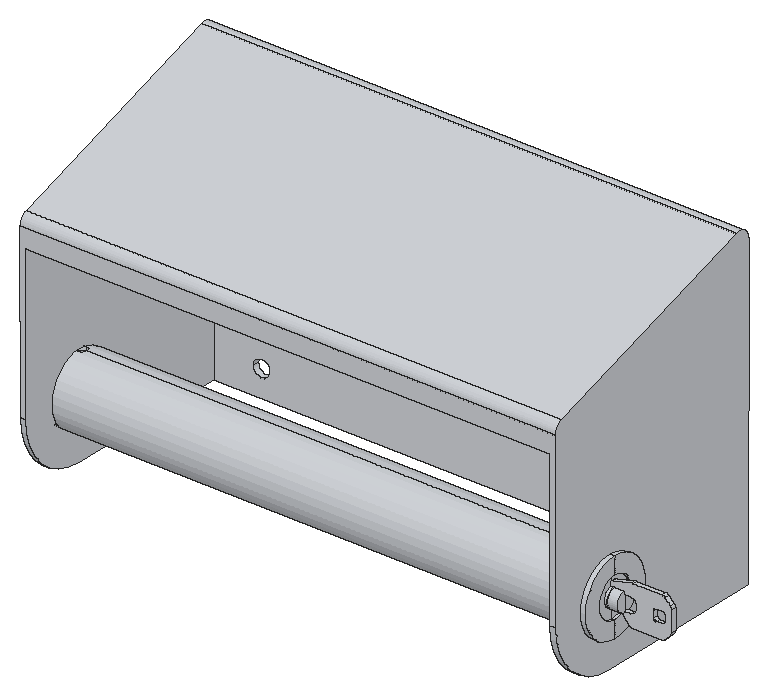
Revit family "rba-bim-rba8143-100", category Pipe Fittings, Revit 2015
Parameters (values of type "RBA8143-100")
  URL = "http://www.rba.com.au/catalogue/product/rba8143-100/"
  Phone Number = "1300 788 778"
  Modified Issue = "20161012.01"
  Model = "RBA8143-100"
  Material = 304 Stainless Steel
  Manufacturer = "RBA Group"
  Description = "Vandal Resistant Toilet Roll Holder, Heavy Gauge Stainless Steel"
  Copyright by = "RBA Group"
Reference planes
  plane 1 "Center (Front/Back)": y = 0
  plane 2: z = 0
  plane 3 "Center (Left/Right)": x = 0
  plane 4: y = -114.298
  plane 5: x = -126.997
  plane 6: x = 126.997
  plane 7: z = 120.806
  plane 8: z = 12.705
  plane 9: x = 101.592
  plane 10: x = -101.53
  plane 11: z = 152.402
  plane 12: z = 149.617
Forms (mm)
  Extrusion 1, solid
    sketch origin (133.124, -136.876, 76.721) x (0, -1, 0) y (0, 0, 1)
      loop
        line (-25.357, 27.786) -> (-22.579, 27.786) -> (-22.579, 36.737)
        arc (-22.579, 36.737) -> (-23.564, 39.77) -> (-26.144, 41.645) r 5.16
        line (-26.144, 41.645) -> (-130.122, 75.429)
        arc (-130.122, 75.429) -> (-134.749, 74.696) -> (-136.876, 70.521) r 5.16
        line (-136.876, 70.521) -> (-136.876, -76.721) -> (-134.097, -76.721) -> (-134.091, 70.521)
        arc (-134.091, 70.521) -> (-133.112, 72.443) -> (-130.956, 72.778) r 2.375
        line (-130.956, 72.778) -> (-26.998, 39)
        arc (-26.998, 39) -> (-25.811, 38.138) -> (-25.357, 36.742) r 2.375
        line (-25.357, 36.742) -> (-25.357, 27.786)
    from 6.126 to 260.121
  Extrusion 2, void
    sketch origin (0, 0, 76.721) x (1, 0, 0) y (0, 0, 1)
      loop
        circle (101.592, -64.016) r 3.975
      loop
        circle (-101.593, -64.016) r 3.975
      loop
        arc (-105.575, 33.994) -> (-101.617, 22.686) -> (-97.625, 33.982) r 6.35
        line (-97.625, 33.982) -> (-97.625, 44.086)
        arc (-97.625, 44.086) -> (-101.668, 47.919) -> (-105.572, 43.944) r 3.975
        line (-105.572, 43.944) -> (-105.575, 33.994)
      loop
        arc (97.625, 33.994) -> (101.583, 22.686) -> (105.575, 33.982) r 6.35
        line (105.575, 33.982) -> (105.575, 44.086)
        arc (105.575, 44.086) -> (101.532, 47.919) -> (97.628, 43.944) r 3.975
        line (97.628, 43.944) -> (97.625, 33.994)
    from 0 to 2.779
  Extrusion 3, solid
    sketch origin (133.124, -136.876, 76.721) x (0, -1, 0) y (0, 0, 1)
      loop
        arc (-22.579, 36.737) -> (-23.564, 39.77) -> (-26.144, 41.645) r 5.16
        line (-26.144, 41.645) -> (-130.122, 75.429)
        arc (-130.122, 75.429) -> (-134.749, 74.696) -> (-136.876, 70.521) r 5.16
        line (-136.876, 70.521) -> (-136.876, -76.721) -> (-54.329, -76.721)
        arc (-54.329, -76.721) -> (-31.878, -67.421) -> (-22.579, -44.971) r 31.75
        line (-22.579, -44.971) -> (-22.579, 36.737)
      loop
        circle (-54.329, -44.971) r 16.7
    from 257.342 to 260.121
  Extrusion 4, solid
    sketch origin (384.34, -136.876, 76.721) x (0, -1, 0) y (0, 0, 1)
      loop
        arc (-22.579, 36.737) -> (-23.564, 39.77) -> (-26.144, 41.645) r 5.16
        line (-26.144, 41.645) -> (-130.122, 75.429)
        arc (-130.122, 75.429) -> (-134.749, 74.696) -> (-136.876, 70.521) r 5.16
        line (-136.876, 70.521) -> (-136.876, -76.721) -> (-54.329, -76.721)
        arc (-54.329, -76.721) -> (-31.878, -67.421) -> (-22.579, -44.971) r 31.75
        line (-22.579, -44.971) -> (-22.579, 36.737)
    from 257.342 to 260.121
  Extrusion 5, solid
    sketch origin (384.34, -136.876, 76.721) x (0, -1, 0) y (0, 0, 1)
      loop
        arc (-22.579, 36.737) -> (-23.564, 39.77) -> (-26.144, 41.645) r 5.16
        line (-26.144, 41.645) -> (-130.122, 75.429)
        arc (-130.122, 75.429) -> (-134.749, 74.696) -> (-136.876, 70.521) r 5.16
        line (-136.876, 70.521) -> (-136.876, -76.721) -> (-54.329, -76.721)
        arc (-54.329, -76.721) -> (-31.878, -67.421) -> (-22.579, -44.971) r 31.75
        line (-22.579, -44.971) -> (-22.579, 36.737)
      loop
        circle (-54.329, -44.971) r 16.7
    from 257.342 to 260.121
  Revolve 6, solid
    sketch origin (0, -82.547, 76.721) x (1, 0, 0) y (0, 0, 1)
      loop
        line (-129.791, -44.971) -> (-126.997, -44.971) -> (-126.997, -29.923) -> (126.997, -29.923) -> (126.997, -44.971) -> (129.791, -44.971) -> (129.791, -27.49) -> (126.997, -27.49) -> (126.997, -28.27) -> (-126.997, -28.27) -> (-126.997, -27.488) -> (-129.791, -27.488) -> (-129.791, -44.971)
      axis (-129.791, -44.971) -> (129.791, -44.971)
    angle from 0 to 360
  Extrusion 7, void
    sketch origin (-224.846, -146.684, -55.905) x (0, -1, 0) y (1, 0, 0)
      loop
        circle (-64.142, 101.809) r 2.385
    from 64.869 to 110.905
  Extrusion 8, void
    sketch origin (22.644, -146.684, -55.905) x (0, -1, 0) y (1, 0, 0)
      loop
        circle (-64.142, 101.809) r 2.385
    from 64.869 to 110.905
  Extrusion 9, solid
    sketch origin (0, 0, 76.721) x (1, 0, 0) y (0, 0, 1)
      loop
        arc (152.925, -54.496) -> (153.728, -54.336) -> (154.41, -53.881) r 2.1
        line (154.41, -53.881) -> (156.989, -51.301)
        arc (156.989, -51.301) -> (157.445, -50.619) -> (157.604, -49.816) r 2.1
        line (157.604, -49.816) -> (157.604, -40.126)
        arc (157.604, -40.126) -> (157.445, -39.322) -> (156.989, -38.641) r 2.1
        line (156.989, -38.641) -> (154.41, -36.061)
        arc (154.41, -36.061) -> (153.728, -35.606) -> (152.925, -35.446) r 2.1
        line (152.925, -35.446) -> (139.224, -35.446)
        arc (139.224, -35.446) -> (138.834, -35.468) -> (138.448, -35.534) r 3.45
        line (138.448, -35.534) -> (129.617, -37.573)
        arc (129.617, -37.573) -> (128.92, -38.013) -> (128.648, -38.791) r 1.25
        line (128.648, -38.791) -> (128.648, -40.272) -> (134.744, -40.272) -> (134.744, -41.415) -> (138.31, -41.415)
        arc (138.31, -41.415) -> (140.099, -42.156) -> (140.84, -43.945) r 2.53
        line (140.84, -43.945) -> (140.84, -45.997)
        arc (140.84, -45.997) -> (140.099, -47.786) -> (138.31, -48.527) r 2.53
        line (138.31, -48.527) -> (134.744, -48.527) -> (134.744, -49.906)
        arc (134.744, -49.906) -> (134.904, -50.71) -> (135.36, -51.391) r 2.1
        line (135.36, -51.391) -> (137.849, -53.881)
        arc (137.849, -53.881) -> (138.53, -54.336) -> (139.334, -54.496) r 2.1
        line (139.334, -54.496) -> (152.925, -54.496)
      loop
        arc (148.968, -46.475) -> (149.346, -47.387) -> (150.258, -47.765) r 1.29
        line (150.258, -47.765) -> (153.266, -47.765)
        arc (153.266, -47.765) -> (154.179, -47.387) -> (154.556, -46.475) r 1.29
        line (154.556, -46.475) -> (154.556, -43.467)
        arc (154.556, -43.467) -> (154.179, -42.555) -> (153.266, -42.177) r 1.29
        line (153.266, -42.177) -> (150.258, -42.177)
        arc (150.258, -42.177) -> (149.346, -42.555) -> (148.968, -43.467) r 1.29
        line (148.968, -43.467) -> (148.968, -46.475)
    from 81.532 to 83.564
  Revolve 10, solid
    sketch origin (204.953, -82.547, 76.721) x (1, 0, 0) y (0, 0, 1)
      loop
        line (-85.449, -44.971) -> (-84.663, -44.971) -> (-84.663, -40.983) -> (-70.991, -40.983) -> (-70.991, -44.971) -> (-70.209, -44.971) -> (-70.209, -40.272) -> (-85.449, -40.272) -> (-85.449, -44.971)
      axis (-85.449, -44.971) -> (-70.209, -44.971)
    angle from 0 to 360
  Revolve 11, void
    sketch origin (-254.701, -82.547, 76.721) x (1, 0, 0) y (0, 0, 1)
      loop
        line (382.992, -40.272) -> (385.88, -40.272) -> (385.88, -35.446) -> (382.992, -35.446) -> (382.992, -40.272)
      axis (382.992, -44.971) -> (385.88, -44.971)
    angle from 0 to 360
Cuts and joins
  Extrusion 2 cuts Extrusion 1
  joined: Extrusion 1, Extrusion 3, Extrusion 4, Extrusion 5
  Extrusion 7, Extrusion 8, Revolve 11 cuts Revolve 6
Dimensions and locks
  equal spacing: cut or joined group of Extrusion 1, Extrusion 2, Extrusion 3, Extrusion 4, Extrusion 5, plane 3 "Center (Left/Right)", cut or joined group of Extrusion 1, Extrusion 2, Extrusion 3, Extrusion 4, Extrusion 5
  plane 7 to plane 8 = 108.101 mm
Automatic sketch dimensions
  Extrusion 1 sketch curve to Extrusion 1 sketch curve = 0.000 mm  (x2)
  Extrusion 1 sketch curve to level = 0.000 mm
  Extrusion 1 sketch curve to plane 1 "Center (Front/Back)" = 0.000 mm
  Extrusion 1 sketch curve to Extrusion 1 sketch curve = 2.779 mm  (x2)
  Extrusion 1 sketch curve to Extrusion 1 sketch curve = 2.381 mm  (x2)
  Extrusion 1 sketch curve to Extrusion 1 sketch curve = 1.595 mm
  plane 1 "Center (Front/Back)" to Extrusion 1 sketch curve = 109.138 mm
  Extrusion 1 sketch curve to Extrusion 1 sketch curve = 0.006 mm
  Extrusion 1 sketch curve to Extrusion 1 sketch curve = 0.734 mm  (x2)
  Extrusion 1 sketch curve to Extrusion 1 sketch curve = 0.854 mm
  level to Extrusion 1 sketch curve = 104.507 mm
  Extrusion 1 sketch curve to Extrusion 1 sketch curve = 8.951 mm
  Extrusion 1 sketch curve to Extrusion 1 sketch curve = 0.005 mm
  Extrusion 1 sketch curve to Extrusion 1 sketch curve = 33.784 mm
  Extrusion 1 sketch curve to Extrusion 1 sketch curve = 0.007 mm
  Extrusion 1 sketch curve to Extrusion 1 sketch curve = 0.027 mm
  Extrusion 1 sketch curve to Extrusion 1 sketch curve = 0.026 mm
  Extrusion 1 sketch curve to Extrusion 1 sketch curve = 0.002 mm
  Extrusion 2 sketch curve to plane 3 "Center (Left/Right)" = 105.575 mm
  Extrusion 2 sketch curve to Extrusion 2 sketch curve = 3.968 mm  (x2)
  Extrusion 2 sketch curve to Extrusion 2 sketch curve = 3.978 mm  (x2)
  level to Extrusion 2 sketch curve = 12.705 mm  (x2)
  Extrusion 2 sketch curve to Extrusion 2 sketch curve = 0.014 mm
  Extrusion 2 sketch curve to Extrusion 2 sketch curve = 3.972 mm
  plane 3 "Center (Left/Right)" to Extrusion 2 sketch curve = 97.625 mm
  Extrusion 2 sketch curve to Extrusion 2 sketch curve = 3.967 mm
  Extrusion 2 sketch curve to Extrusion 2 sketch curve = 3.983 mm
  level to Extrusion 2 sketch curve = 105.757 mm  (x2)
  Extrusion 2 sketch curve to Extrusion 2 sketch curve = 4.946 mm  (x2)
  Extrusion 2 sketch curve to Extrusion 2 sketch curve = 9.951 mm  (x2)
  Extrusion 2 sketch curve to Extrusion 2 sketch curve = 0.141 mm  (x2)
  Extrusion 2 sketch curve to Extrusion 2 sketch curve = 0.015 mm  (x2)
  Extrusion 3 sketch curve to Extrusion 3 sketch curve = 0.000 mm  (x2)
  Extrusion 3 sketch curve to level = 0.000 mm
  Extrusion 3 sketch curve to plane 1 "Center (Front/Back)" = 0.000 mm
  Extrusion 3 sketch curve to Extrusion 3 sketch curve = 5.160 mm
  Extrusion 3 sketch curve to Extrusion 3 sketch curve = 1.595 mm  (x2)
  plane 1 "Center (Front/Back)" to Extrusion 3 sketch curve = 82.548 mm
  plane 1 "Center (Front/Back)" to Extrusion 3 sketch curve = 109.138 mm
  level to Extrusion 3 sketch curve = 31.750 mm
  Extrusion 3 sketch curve to Extrusion 3 sketch curve = 81.708 mm
  Extrusion 3 sketch curve to Extrusion 3 sketch curve = 33.784 mm
  Extrusion 4 sketch curve to level = 0.000 mm
  Extrusion 4 sketch curve to plane 1 "Center (Front/Back)" = 0.000 mm
  Extrusion 4 sketch curve to Extrusion 4 sketch curve = 5.160 mm
  Extrusion 4 sketch curve to Extrusion 4 sketch curve = 1.595 mm  (x2)
  plane 1 "Center (Front/Back)" to Extrusion 4 sketch curve = 82.548 mm
  plane 1 "Center (Front/Back)" to Extrusion 4 sketch curve = 109.138 mm
  level to Extrusion 4 sketch curve = 31.750 mm
  Extrusion 4 sketch curve to Extrusion 4 sketch curve = 81.708 mm
  Extrusion 4 sketch curve to Extrusion 4 sketch curve = 33.784 mm
  Extrusion 5 sketch curve to Extrusion 5 sketch curve = 0.000 mm  (x2)
  Extrusion 5 sketch curve to level = 0.000 mm
  Extrusion 5 sketch curve to plane 1 "Center (Front/Back)" = 0.000 mm
  Extrusion 5 sketch curve to Extrusion 5 sketch curve = 5.160 mm
  Extrusion 5 sketch curve to Extrusion 5 sketch curve = 1.595 mm  (x2)
  plane 1 "Center (Front/Back)" to Extrusion 5 sketch curve = 82.548 mm
  plane 1 "Center (Front/Back)" to Extrusion 5 sketch curve = 109.138 mm
  level to Extrusion 5 sketch curve = 31.750 mm
  Extrusion 5 sketch curve to Extrusion 5 sketch curve = 81.708 mm
  Extrusion 5 sketch curve to Extrusion 5 sketch curve = 33.784 mm
  level to Revolve 6 sketch curve = 31.750 mm  (x3)
  Revolve 6 sketch curve to plane 3 "Center (Left/Right)" = 129.791 mm
  Revolve 6 sketch curve to Revolve 6 sketch curve = 2.794 mm  (x2)
  Revolve 6 sketch curve to Revolve 6 sketch curve = 0.000 mm  (x3)
  level to Revolve 6 sketch curve = 48.451 mm
  plane 3 "Center (Left/Right)" to Revolve 6 sketch curve = 126.997 mm
  Revolve 6 sketch curve to Revolve 6 sketch curve = 1.653 mm
  Revolve 6 sketch curve to Revolve 6 sketch curve = 0.780 mm
  Revolve 6 sketch curve to Revolve 6 sketch curve = 0.782 mm
  Revolve 6 sketch curve to Revolve 6 sketch curve = 50.417 mm
  plane 1 "Center (Front/Back)" to Extrusion 7 sketch curve = 82.541 mm
  Extrusion 7 sketch curve to plane 3 "Center (Left/Right)" = 123.037 mm
  plane 1 "Center (Front/Back)" to Extrusion 8 sketch curve = 82.541 mm
  plane 3 "Center (Left/Right)" to Extrusion 8 sketch curve = 124.453 mm
  level to Extrusion 9 sketch curve = 37.930 mm
  plane 3 "Center (Left/Right)" to Extrusion 9 sketch curve = 128.648 mm
  level to Extrusion 9 sketch curve = 39.148 mm
  Extrusion 9 sketch curve to Extrusion 9 sketch curve = 0.969 mm
  Extrusion 9 sketch curve to Extrusion 9 sketch curve = 6.096 mm
  Extrusion 9 sketch curve to Extrusion 9 sketch curve = 4.846 mm
  level to Extrusion 9 sketch curve = 25.330 mm
  Extrusion 9 sketch curve to Extrusion 9 sketch curve = 0.615 mm  (x3)
  Extrusion 9 sketch curve to Extrusion 9 sketch curve = 1.485 mm  (x6)
  level to Extrusion 9 sketch curve = 22.840 mm  (x2)
  Extrusion 9 sketch curve to Extrusion 9 sketch curve = 2.489 mm
  Extrusion 9 sketch curve to Extrusion 9 sketch curve = 3.566 mm
  Extrusion 9 sketch curve to Extrusion 9 sketch curve = 0.000 mm
  level to Extrusion 9 sketch curve = 41.187 mm
  Extrusion 9 sketch curve to Extrusion 9 sketch curve = 0.138 mm
  Extrusion 9 sketch curve to Extrusion 9 sketch curve = 0.776 mm
  Extrusion 9 sketch curve to Extrusion 9 sketch curve = 2.530 mm
  Extrusion 9 sketch curve to Extrusion 9 sketch curve = 8.128 mm
  Extrusion 9 sketch curve to Extrusion 9 sketch curve = 1.290 mm  (x3)
  Extrusion 9 sketch curve to Extrusion 9 sketch curve = 2.666 mm  (x2)
  Extrusion 9 sketch curve to Extrusion 9 sketch curve = 3.008 mm  (x3)
  level to Extrusion 9 sketch curve = 40.660 mm
  Extrusion 9 sketch curve to Extrusion 9 sketch curve = 2.238 mm  (x2)
  level to Extrusion 9 sketch curve = 25.420 mm
  level to Extrusion 9 sketch curve = 38.080 mm
  Extrusion 9 sketch curve to Extrusion 9 sketch curve = 1.380 mm
  Extrusion 9 sketch curve to Extrusion 9 sketch curve = 2.051 mm
  Extrusion 9 sketch curve to Extrusion 9 sketch curve = 2.052 mm
  Extrusion 9 sketch curve to Extrusion 9 sketch curve = 1.481 mm
  Extrusion 9 sketch curve to Extrusion 9 sketch curve = 2.519 mm
  level to Revolve 10 sketch curve = 31.750 mm  (x2)
  plane 3 "Center (Left/Right)" to Revolve 10 sketch curve = 119.504 mm
  Revolve 10 sketch curve to Revolve 10 sketch curve = 0.785 mm
  Revolve 10 sketch curve to Revolve 10 sketch curve = 13.673 mm
  Revolve 10 sketch curve to Revolve 10 sketch curve = 0.782 mm
  Revolve 10 sketch curve to Revolve 10 sketch curve = 0.000 mm
  Revolve 10 sketch curve to Revolve 10 sketch curve = 3.988 mm
  Revolve 10 sketch curve to Revolve 10 sketch curve = 0.711 mm
  Revolve 10 sketch curve to Revolve 10 sketch curve = 44.343 mm
  Revolve 10 sketch curve to Revolve 10 sketch curve = 250.417 mm
  level to Revolve 11 sketch curve = 41.275 mm
  plane 3 "Center (Left/Right)" to Revolve 11 sketch curve = 128.291 mm
  Revolve 11 sketch curve to Revolve 11 sketch curve = 2.888 mm
  Revolve 11 sketch curve to Revolve 11 sketch curve = 4.826 mm
  Revolve 11 sketch curve to Revolve 11 sketch curve = 21.844 mm
  Revolve 11 sketch curve to Revolve 11 sketch curve = 27.396 mm
  level to Revolve 11 sketch curve = 31.750 mm
  radius of Extrusion 2 sketch curve = 3.975 mm  (x2)
  radius of Extrusion 3 sketch curve = 16.700 mm
  radius of Extrusion 5 sketch curve = 16.700 mm
  radius of Extrusion 7 sketch curve = 2.385 mm
  radius of Extrusion 8 sketch curve = 2.385 mm
